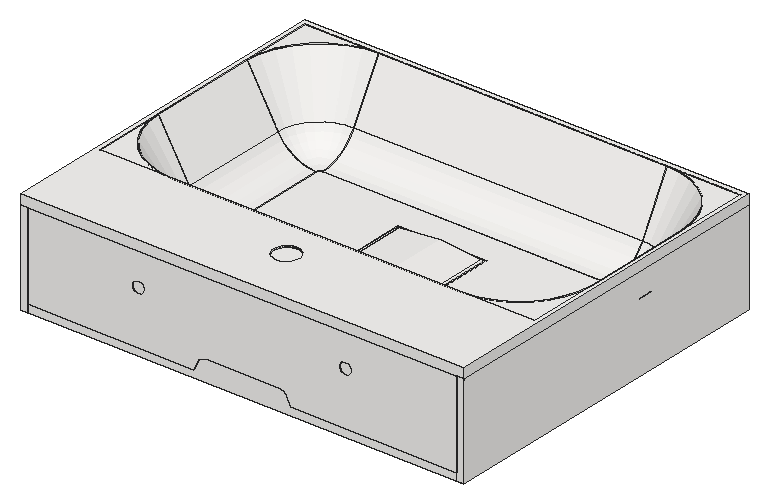
Revit family "Washbasins-hansgrohe-61094XXX-Xevolos E Countertop basin ground 600_480 with tap hole without overflow, SmartClean", category Plumbing Fixtures, Revit 2019
Family settings
  Round Connector Dimension = Use Diameter
  Part Type = Valve - Breaks Into
  OmniClass Number = 23.31.13.00
  Work Plane-Based = No
  Always vertical = Yes
  Cut with Voids When Loaded = No
  Shared = Yes
  Room Calculation Point = No
Parameters
  X2 = 0
  X1 = 280
  WEIGHT = "17"
  UNSPSC = "301815 | Sanitary ware"
  UNIFORMATII = "D2010 | Plumbing Fixtures"
  UNICLASS_2015_CODE = "40_20_96"
  UNICLASS2015 = "Pr_40_20_96 | Wash basins, sinks and troughs"
  TYP = 1
  TAP = 1
  SURFACE = "GLOSSY_WHITE"
  SPECIFICATION = "Surfaces:  - 61094450 White   Specification:  • consists of: countertop basin ground, waste set, cover  • material: ceramic  • SmartClean: dirt-repellent glaze • degree of gloss: glossy  • sanded basin underside • ceramic cover included • with one tap hole • without overflow • without shelf • non-closing waste set • 600 x 480 mm • type of installation: built on and wall mounted  • suitable for cabinet"
  REGION = "Worldwide"
  PRODUCTURL = "https://pro.hansgrohe.com/articledetail--61094450"
  PRODUCTGROUP = "Washbasins"
  PRODUCTFAMILY = "Xevolos E"
  PERMALINK = "61094XXX"
  OMNICLASS = "23-31 13 00 | Sinks"
  OBJECTTYPE = "Object (single object)"
  NN = "Xevolos Washbasin"
  NBSYN = "$BASENUMBER.-$ARTNR.-$SURFACE.-$LODLEVEL."
  NB = "61094-61094450-GLOSSY_WHITE-400"
  NAME = "Xevolos E Countertop basin ground 600/480 with tap hole without overflow, SmartClean"
  Model = "61094-61094450-GLOSSY_WHITE-400"
  Manufacturer = "Hansgrohe"
  MIdent = "{$CADENAS_DATA/23d-libs/hansgrohe/xevolos_washbasin/xevolos_washbasin.prj},222 {VTYP=3D},{NB=61094-61094450-GLOSSY_WHITE-400},{LINA=61094-61094450-GLOSSY_WHITE-400},{NN=Xevolos Washbasin},{DATE=13.03.2023 11:34:45},{GEOMDATE=13.03.2023 11:34:00},{VERSION=},{LINEID=800},{WBVAR=LODLEVEL},{WBNUMERIC=}  {NB=61094-61094450-GLOSSY_WHITE-400},{LINA=61094-61094450-GLOSSY_WHITE-400},{KT=DUMMY},{IDNR=7},{ARTNR=61094450},{BASENUMBER=61094},{MODEL=61094XXX},{SURFACE=GLOSSY_WHITE},{LODLEVEL=400},{LODLEVELX='400','400','200','200'},{L=600.000},{LI=370.000},{X1=280.000},{X2=0.000},{DO=46.000},{DOT=35.000},{TAP=1},{TYP=1},{NAME=Xevolos E Countertop basin ground 600/480 with tap hole without overflow, SmartClean},{PERMALINK=61094XXX},{OBJECTTYPE=Object (single object)},{BIMOBJECT=Sanitary: Wash Basins},{PRODUCTFAMILY=Xevolos E},{PRODUCTGROUP=Washbasins},{WEIGHT=17},{DESCRIPTION=Xevolos E Countertop basin ground 600/480 with tap hole without overflow, SmartClean},{SPECIFICATION=Surfaces:  - 61094450 White   Specification:  • consists of: countertop basin ground, waste set, cover  • material: ceramic  • SmartClean: dirt-repellent glaze • degree of gloss: glossy  • sanded basin underside • ceramic cover included • with one tap hole • without overflow • without shelf • non-closing waste set • 600 x 480 mm • type of installation: built on and wall mounted  • suitable for cabinet},{PRODUCTURL=https://pro.hansgrohe.com/articledetail--61094450},{GTINCODE=4059625420850},{IFC=Sanitary Terminal},{ETIM=EC011550 | Washbasin},{UNICLASS2015=Pr_40_20_96 | Wash basins, sinks and troughs},{OMNICLASS=23-31 13 00 | Sinks},{MASTERFORMAT=22 41 16.13 | Residential Lavatories},{UNSPSC=301815 | Sanitary ware},{UNIFORMATII=D2010 | Plumbing Fixtures},{REGION=Worldwide},{DESIGN=Germany},{MANUFACTURER=Germany}"
  MASTERFORMAT = "22 41 16.13 | Residential Lavatories"
  LODLEVEL = "400"
  LINA = "61094-61094450-GLOSSY_WHITE-400"
  LI = 370
  L = 600
  IFC = "Sanitary Terminal"
  GTINCODE = "4059625420850"
  ETIM = "EC011550 | Washbasin"
  DOT = 35
  DO = 46
  DESIGN = "Germany"
  CNSPipeRound/cp_Befestigungsanschluss_V = no
  CNSPipeRound/cp_Ausgang_1_V = no
  CATALOG = "Hansgrohe"
  BIMOBJECT = "Sanitary: Wash Basins"
  BASENUMBER = "61094"
  ARTNR = "61094450"
  61094-61094450-GLOSSY_WHITE-400_RX0RY0RZ0TX0TY0TZ0_V = yes
  61094-61094450-GLOSSY_WHITE-200_RX0RY0RZ0TX0TY0TZ0_V = yes
Types (3, lengths in mm): name | NB | Model | MIdent | LODLEVEL | LINA | 61094-61094450-GLOSSY_WHITE-400_RX0RY0RZ0TX0TY0TZ0_V | 61094-61094450-GLOSSY_WHITE-200_RX0RY0RZ0TX0TY0TZ0_V
  (no name) | "61094-61094450-GLOSSY_WHITE-400" | "61094-61094450-GLOSSY_WHITE-400" | "{$CADENAS_DATA/23d-libs/hansgrohe/xevolos_washbasin/xevolos_washbasin.prj},222 {VTYP=3D},{NB=61094-61094450-GLOSSY_WHITE-400},{LINA=61094-61094450-GLOSSY_WHITE-400},{NN=Xevolos Washbasin},{DATE=13.03.2023 11:34:45},{GEOMDATE=13.03.2023 11:34:00},{VERSION=},{LINEID=800},{WBVAR=LODLEVEL},{WBNUMERIC=}  {NB=61094-61094450-GLOSSY_WHITE-400},{LINA=61094-61094450-GLOSSY_WHITE-400},{KT=DUMMY},{IDNR=7},{ARTNR=61094450},{BASENUMBER=61094},{MODEL=61094XXX},{SURFACE=GLOSSY_WHITE},{LODLEVEL=400},{LODLEVELX='400','400','200','200'},{L=600.000},{LI=370.000},{X1=280.000},{X2=0.000},{DO=46.000},{DOT=35.000},{TAP=1},{TYP=1},{NAME=Xevolos E Countertop basin ground 600/480 with tap hole without overflow, SmartClean},{PERMALINK=61094XXX},{OBJECTTYPE=Object (single object)},{BIMOBJECT=Sanitary: Wash Basins},{PRODUCTFAMILY=Xevolos E},{PRODUCTGROUP=Washbasins},{WEIGHT=17},{DESCRIPTION=Xevolos E Countertop basin ground 600/480 with tap hole without overflow, SmartClean},{SPECIFICATION=Surfaces:  - 61094450 White   Specification:  • consists of: countertop basin ground, waste set, cover  • material: ceramic  • SmartClean: dirt-repellent glaze • degree of gloss: glossy  • sanded basin underside • ceramic cover included • with one tap hole • without overflow • without shelf • non-closing waste set • 600 x 480 mm • type of installation: built on and wall mounted  • suitable for cabinet},{PRODUCTURL=https://pro.hansgrohe.com/articledetail--61094450},{GTINCODE=4059625420850},{IFC=Sanitary Terminal},{ETIM=EC011550 | Washbasin},{UNICLASS2015=Pr_40_20_96 | Wash basins, sinks and troughs},{OMNICLASS=23-31 13 00 | Sinks},{MASTERFORMAT=22 41 16.13 | Residential Lavatories},{UNSPSC=301815 | Sanitary ware},{UNIFORMATII=D2010 | Plumbing Fixtures},{REGION=Worldwide},{DESIGN=Germany},{MANUFACTURER=Germany}" | "400" | "61094-61094450-GLOSSY_WHITE-400" | yes | yes
  61094-61094450-GLOSSY_WHITE-200 | "61094-61094450-GLOSSY_WHITE-200" | "61094-61094450-GLOSSY_WHITE-200" | "{$CADENAS_DATA/23d-libs/hansgrohe/xevolos_washbasin/xevolos_washbasin.prj},222 {VTYP=3D},{NB=61094-61094450-GLOSSY_WHITE-200},{LINA=61094-61094450-GLOSSY_WHITE-200},{NN=Xevolos Washbasin},{DATE=13.03.2023 11:34:45},{GEOMDATE=13.03.2023 11:34:00},{VERSION=},{LINEID=800},{WBVAR=LODLEVEL},{WBNUMERIC=}  {NB=61094-61094450-GLOSSY_WHITE-200},{LINA=61094-61094450-GLOSSY_WHITE-200},{KT=DUMMY},{IDNR=7},{ARTNR=61094450},{BASENUMBER=61094},{MODEL=61094XXX},{SURFACE=GLOSSY_WHITE},{LODLEVEL=200},{LODLEVELX='400','400','200','200'},{L=600.000},{LI=370.000},{X1=280.000},{X2=0.000},{DO=46.000},{DOT=35.000},{TAP=1},{TYP=1},{NAME=Xevolos E Countertop basin ground 600/480 with tap hole without overflow, SmartClean},{PERMALINK=61094XXX},{OBJECTTYPE=Object (single object)},{BIMOBJECT=Sanitary: Wash Basins},{PRODUCTFAMILY=Xevolos E},{PRODUCTGROUP=Washbasins},{WEIGHT=17},{DESCRIPTION=Xevolos E Countertop basin ground 600/480 with tap hole without overflow, SmartClean},{SPECIFICATION=Surfaces:  - 61094450 White   Specification:  • consists of: countertop basin ground, waste set, cover  • material: ceramic  • SmartClean: dirt-repellent glaze • degree of gloss: glossy  • sanded basin underside • ceramic cover included • with one tap hole • without overflow • without shelf • non-closing waste set • 600 x 480 mm • type of installation: built on and wall mounted  • suitable for cabinet},{PRODUCTURL=https://pro.hansgrohe.com/articledetail--61094450},{GTINCODE=4059625420850},{IFC=Sanitary Terminal},{ETIM=EC011550 | Washbasin},{UNICLASS2015=Pr_40_20_96 | Wash basins, sinks and troughs},{OMNICLASS=23-31 13 00 | Sinks},{MASTERFORMAT=22 41 16.13 | Residential Lavatories},{UNSPSC=301815 | Sanitary ware},{UNIFORMATII=D2010 | Plumbing Fixtures},{REGION=Worldwide},{DESIGN=Germany},{MANUFACTURER=Germany}" | "200" | "61094-61094450-GLOSSY_WHITE-200" | no | yes
  61094-61094450-GLOSSY_WHITE-400 | "61094-61094450-GLOSSY_WHITE-400" | "61094-61094450-GLOSSY_WHITE-400" | "{$CADENAS_DATA/23d-libs/hansgrohe/xevolos_washbasin/xevolos_washbasin.prj},222 {VTYP=3D},{NB=61094-61094450-GLOSSY_WHITE-400},{LINA=61094-61094450-GLOSSY_WHITE-400},{NN=Xevolos Washbasin},{DATE=13.03.2023 11:34:45},{GEOMDATE=13.03.2023 11:34:00},{VERSION=},{LINEID=800},{WBVAR=LODLEVEL},{WBNUMERIC=}  {NB=61094-61094450-GLOSSY_WHITE-400},{LINA=61094-61094450-GLOSSY_WHITE-400},{KT=DUMMY},{IDNR=7},{ARTNR=61094450},{BASENUMBER=61094},{MODEL=61094XXX},{SURFACE=GLOSSY_WHITE},{LODLEVEL=400},{LODLEVELX='400','400','200','200'},{L=600.000},{LI=370.000},{X1=280.000},{X2=0.000},{DO=46.000},{DOT=35.000},{TAP=1},{TYP=1},{NAME=Xevolos E Countertop basin ground 600/480 with tap hole without overflow, SmartClean},{PERMALINK=61094XXX},{OBJECTTYPE=Object (single object)},{BIMOBJECT=Sanitary: Wash Basins},{PRODUCTFAMILY=Xevolos E},{PRODUCTGROUP=Washbasins},{WEIGHT=17},{DESCRIPTION=Xevolos E Countertop basin ground 600/480 with tap hole without overflow, SmartClean},{SPECIFICATION=Surfaces:  - 61094450 White   Specification:  • consists of: countertop basin ground, waste set, cover  • material: ceramic  • SmartClean: dirt-repellent glaze • degree of gloss: glossy  • sanded basin underside • ceramic cover included • with one tap hole • without overflow • without shelf • non-closing waste set • 600 x 480 mm • type of installation: built on and wall mounted  • suitable for cabinet},{PRODUCTURL=https://pro.hansgrohe.com/articledetail--61094450},{GTINCODE=4059625420850},{IFC=Sanitary Terminal},{ETIM=EC011550 | Washbasin},{UNICLASS2015=Pr_40_20_96 | Wash basins, sinks and troughs},{OMNICLASS=23-31 13 00 | Sinks},{MASTERFORMAT=22 41 16.13 | Residential Lavatories},{UNSPSC=301815 | Sanitary ware},{UNIFORMATII=D2010 | Plumbing Fixtures},{REGION=Worldwide},{DESIGN=Germany},{MANUFACTURER=Germany}" | "400" | "61094-61094450-GLOSSY_WHITE-400" | yes | no
Reference planes
  plane 1 "Center (Front/Back)": y = 0
  plane 2: z = 0
  plane 3 "Center (Left/Right)": x = 0
Dimensions and locks
  aligned and locked: level to plane 2
Nested families
  nested 1: "61094-61094450-glossy_white-200_content" at (0, 0, 0), visible <- "61094-61094450-GLOSSY_WHITE-200_RX0RY0RZ0TX0TY0TZ0_V", ContentVisible <- "61094-61094450-GLOSSY_WHITE-200_RX0RY0RZ0TX0TY0TZ0_V", type "61094-61094450-GLOSSY_WHITE-200_Content"
    with ContentVisible yes
  nested 2: "61094-61094450-glossy_white-400_content" at (0, 0, 0), visible <- "61094-61094450-GLOSSY_WHITE-400_RX0RY0RZ0TX0TY0TZ0_V", ContentVisible <- "61094-61094450-GLOSSY_WHITE-400_RX0RY0RZ0TX0TY0TZ0_V", type "61094-61094450-GLOSSY_WHITE-400_Content"
    with ContentVisible yes
  nested 3: "ConnectorHost2019" at (0, -220, 0), visible <- "CNSPipeRound/cp_Ausgang_1_V", type "ConnectorHost2019"
    with Visible no, TransZ 0 mm, TransY 220 mm, TransX 0 mm, ScaleZ 1 mm, ScaleY 1 mm, ScaleX 1 mm, RotZ 180.00°, RotY 360.00°, RotX 180.00°
  nested 4: "ConnectorHost2019" at (-1, -220, 0), visible <- "CNSPipeRound/cp_Befestigungsanschluss_V", type "ConnectorHost2019"
    with Visible no, TransZ 147 mm, TransY 0 mm, TransX 1 mm, ScaleZ 1 mm, ScaleY 1 mm, ScaleX 1 mm, RotZ 180.00°, RotY 360.00°, RotX 360.00°
Connectors
  piping at (0, 0, 0), diameter 46
    settings: on nested 3, index 1, connector inside diameter 609.6 mm, connector length 0 mm, flow factor 0, pipe flow 0.0 L/s, pressure drop 0.0 Pa, fitting loss kfactor 0, connector angle 0.00°, fixture units 0, engagement length 0 mm, angle of deflection 0.00°, flow configuration 0, flow direction 2, fitting loss method 0, system type 29, joint type 0, gender type 0, connector reference index -1, connector utility 0, adjustable connector no, is connector primary yes, connector description ""
  piping at (0, -220, 147), diameter 35
    settings: on nested 4, index 2, connector inside diameter 609.6 mm, connector length 0 mm, flow factor 0, pipe flow 0.0 L/s, pressure drop 0.0 Pa, fitting loss kfactor 0, connector angle 0.00°, fixture units 0, engagement length 0 mm, angle of deflection 0.00°, flow configuration 0, flow direction 2, fitting loss method 0, system type 29, joint type 0, gender type 0, connector reference index -1, connector utility 0, adjustable connector no, is connector primary no, connector description ""
Definition of nested family "61094-61094450-glossy_white-200_content"
  Parameters (values of type "61094-61094450-GLOSSY_WHITE-200_Content")
    X2 = 0
    X1 = 280
    WEIGHT = "17"
    UNSPSC = "301815 | Sanitary ware"
    UNIFORMATII = "D2010 | Plumbing Fixtures"
    UNICLASS_2015_CODE = "40_20_96"
    UNICLASS2015 = "Pr_40_20_96 | Wash basins, sinks and troughs"
    TYP = 1
    TAP = 1
    SURFACE = "GLOSSY_WHITE"
    SPECIFICATION = "Surfaces:  - 61094450 White   Specification:  • consists of: countertop basin ground, waste set, cover  • material: ceramic  • SmartClean: dirt-repellent glaze • degree of gloss: glossy  • sanded basin underside • ceramic cover included • with one tap hole • without overflow • without shelf • non-closing waste set • 600 x 480 mm • type of installation: built on and wall mounted  • suitable for cabinet"
    REGION = "Worldwide"
    PRODUCTURL = "https://pro.hansgrohe.com/articledetail--61094450"
    PRODUCTGROUP = "Washbasins"
    PRODUCTFAMILY = "Xevolos E"
    PERMALINK = "61094XXX"
    OMNICLASS = "23-31 13 00 | Sinks"
    OBJECTTYPE = "Object (single object)"
    NN = "Xevolos Washbasin"
    NBSYN = "$BASENUMBER.-$ARTNR.-$SURFACE.-$LODLEVEL."
    NB = "61094-61094450-GLOSSY_WHITE-200"
    NAME = "Xevolos E Countertop basin ground 600/480 with tap hole without overflow, SmartClean"
    Model = "61094-61094450-GLOSSY_WHITE-200"
    Manufacturer = "Hansgrohe"
    MASTERFORMAT = "22 41 16.13 | Residential Lavatories"
    LODLEVEL = "200"
    LINA = "61094-61094450-GLOSSY_WHITE-200"
    LI = 370
    L = 600
    IFC = "Sanitary Terminal"
    GTINCODE = "4059625420850"
    ETIM = "EC011550 | Washbasin"
    Default Elevation = 1219.2 mm
    DOT = 35
    DO = 46
    DESIGN = "Germany"
    ContentVisible [instance] = yes
    CATALOG = "Hansgrohe"
    BIMOBJECT = "Sanitary: Wash Basins"
    BASENUMBER = "61094"
    ARTNR = "61094450"
  Reference planes
    plane 1 "Center (Front/Back)": y = 0
    plane 2: z = 0
    plane 3 "Center (Left/Right)": x = 0
  Forms (mm)
    Extrusion 1, solid, visible <- "ContentVisible", detail levels medium+fine
      sketch origin (0, -295, 147) x (-1, 0, 0) y (0, -1, 0)
        loop
          line (-300, -480) -> (300, -480) -> (300, 0) -> (-300, 0) -> (-300, -480)
      from -140 to 0
    Extrusion 2, void, detail levels medium+fine
      sketch origin (0, -295, 147) x (-1, 0, 0) y (0, -1, 0)
        loop
          line (-294, -126) -> (-294, -474) -> (294, -474) -> (294, -126) -> (-294, -126)
      from -102.5 to 0
    Extrusion 3, void, detail levels medium+fine
      sketch origin (0, -295, 147) x (-1, 0, 0) y (0, -1, 0)
        loop
          circle (0, -75) r 17.5
      from -1.5 to 1.5
    Extrusion 4, solid, visible <- "ContentVisible", detail levels medium+fine
      sketch origin (0, -295, 7) x (-1, 0, 0) y (0, -1, 0)
        loop
          circle (0, -295) r 34
      from -10 to 0
    Extrusion 5, solid, visible <- "ContentVisible", detail levels coarse
      sketch origin (0, -55, -3) x (1, 0, 0) y (0, 1, 0)
        loop
          line (-300, -240) -> (300, -240) -> (300, 240) -> (-300, 240) -> (-300, -240)
      from 0 to 150
  Cuts and joins
    Extrusion 2, Extrusion 3 cuts Extrusion 1
  Dimensions and locks
    aligned and locked: level to plane 2
Definition of nested family "61094-61094450-glossy_white-400_content"
  Parameters (values of type "61094-61094450-GLOSSY_WHITE-400_Content")
    X2 = 0
    X1 = 280
    WEIGHT = "17"
    UNSPSC = "301815 | Sanitary ware"
    UNIFORMATII = "D2010 | Plumbing Fixtures"
    UNICLASS_2015_CODE = "40_20_96"
    UNICLASS2015 = "Pr_40_20_96 | Wash basins, sinks and troughs"
    TYP = 1
    TAP = 1
    SURFACE = "GLOSSY_WHITE"
    SPECIFICATION = "Surfaces:  - 61094450 White   Specification:  • consists of: countertop basin ground, waste set, cover  • material: ceramic  • SmartClean: dirt-repellent glaze • degree of gloss: glossy  • sanded basin underside • ceramic cover included • with one tap hole • without overflow • without shelf • non-closing waste set • 600 x 480 mm • type of installation: built on and wall mounted  • suitable for cabinet"
    REGION = "Worldwide"
    PRODUCTURL = "https://pro.hansgrohe.com/articledetail--61094450"
    PRODUCTGROUP = "Washbasins"
    PRODUCTFAMILY = "Xevolos E"
    PERMALINK = "61094XXX"
    OMNICLASS = "23-31 13 00 | Sinks"
    OBJECTTYPE = "Object (single object)"
    NN = "Xevolos Washbasin"
    NBSYN = "$BASENUMBER.-$ARTNR.-$SURFACE.-$LODLEVEL."
    NB = "61094-61094450-GLOSSY_WHITE-400"
    NAME = "Xevolos E Countertop basin ground 600/480 with tap hole without overflow, SmartClean"
    Model = "61094-61094450-GLOSSY_WHITE-400"
    Manufacturer = "Hansgrohe"
    MASTERFORMAT = "22 41 16.13 | Residential Lavatories"
    LODLEVEL = "400"
    LINA = "61094-61094450-GLOSSY_WHITE-400"
    LI = 370
    L = 600
    IFC = "Sanitary Terminal"
    GTINCODE = "4059625420850"
    ETIM = "EC011550 | Washbasin"
    Default Elevation = 1219.2 mm
    DOT = 35
    DO = 46
    DESIGN = "Germany"
    ContentVisible [instance] = yes
    CATALOG = "Hansgrohe"
    BIMOBJECT = "Sanitary: Wash Basins"
    BASENUMBER = "61094"
    ARTNR = "61094450"
  Reference planes
    plane 1 "Center (Front/Back)": y = 0
    plane 2: z = 0
    plane 3 "Center (Left/Right)": x = 0
  Forms (mm)
    Extrusion 1, solid, visible <- "ContentVisible", detail levels medium+fine
      sketch origin (0, -295, 7) x (0, 0, -1) y (0, -1, 0)
        loop
          line (-140, -474) -> (-121, -474) -> (-62.906, -440.46)
          arc (-62.906, -440.46) -> (-37.353, -414.906) -> (-28, -380) r 69.813
          line (-28, -380) -> (-37.5, -380)
          arc (-37.5, -380) -> (-45.58, -410.156) -> (-67.656, -432.232) r 60.313
          line (-67.656, -432.232) -> (-140, -474)
      from -195 to 195
    Revolve 2, solid, visible <- "ContentVisible", detail levels medium+fine
      sketch origin (-195, -295, 7) x (0, 0, -1) y (0, -1, 0)
        loop
          line (-140, -474) -> (-121, -474) -> (-62.906, -440.46)
          arc (-62.906, -440.46) -> (-37.353, -414.906) -> (-28, -380) r 69.813
          line (-28, -380) -> (-37.5, -380)
          arc (-37.5, -380) -> (-45.58, -410.156) -> (-67.656, -432.232) r 60.313
          line (-67.656, -432.232) -> (-140, -474)
        axis (-140, -375) -> (-28, -375)
      angle from -90 to 0
    Extrusion 3, solid, visible <- "ContentVisible", detail levels medium+fine
      sketch origin (0, -70, 7) x (-1, 0, 0) y (0, 0, -1)
        loop
          line (200, -28) -> (200, -37.5)
          arc (200, -37.5) -> (230.156, -45.58) -> (252.232, -67.656) r 60.313
          line (252.232, -67.656) -> (294, -140) -> (294, -121) -> (260.46, -62.906)
          arc (260.46, -62.906) -> (234.906, -37.353) -> (200, -28) r 69.813
      from -150 to 0
    Revolve 4, solid, visible <- "ContentVisible", detail levels medium+fine
      sketch origin (-195, -295, 7) x (0, 0, -1) y (0, -1, 0)
        loop
          line (-140, -126) -> (-67.656, -167.768)
          arc (-67.656, -167.768) -> (-45.58, -189.844) -> (-37.5, -220) r 60.313
          line (-37.5, -220) -> (-28, -220)
          arc (-28, -220) -> (-37.353, -185.094) -> (-62.906, -159.54) r 69.813
          line (-62.906, -159.54) -> (-121, -126) -> (-140, -126)
        axis (-28, -225) -> (-140, -225)
      angle from -90 to 0
    Extrusion 5, solid, visible <- "ContentVisible", detail levels medium+fine
      sketch origin (0, -295, 7) x (0, 0, -1) y (0, -1, 0)
        loop
          line (-140, -126) -> (-67.656, -167.768)
          arc (-67.656, -167.768) -> (-45.58, -189.844) -> (-37.5, -220) r 60.313
          line (-37.5, -220) -> (-28, -220)
          arc (-28, -220) -> (-37.353, -185.094) -> (-62.906, -159.54) r 69.813
          line (-62.906, -159.54) -> (-121, -126) -> (-140, -126)
      from -195 to 195
    Revolve 6, solid, visible <- "ContentVisible", detail levels medium+fine
      sketch origin (195, -295, 7) x (0, 0, -1) y (0, -1, 0)
        loop
          line (-140, -126) -> (-67.656, -167.768)
          arc (-67.656, -167.768) -> (-45.58, -189.844) -> (-37.5, -220) r 60.313
          line (-37.5, -220) -> (-28, -220)
          arc (-28, -220) -> (-37.353, -185.094) -> (-62.906, -159.54) r 69.813
          line (-62.906, -159.54) -> (-121, -126) -> (-140, -126)
        axis (-28, -225) -> (-140, -225)
      angle from 0 to 90
    Extrusion 7, solid, visible <- "ContentVisible", detail levels medium+fine
      sketch origin (0, -70, 7) x (-1, 0, 0) y (0, 0, -1)
        loop
          line (-294, -121) -> (-294, -140) -> (-252.232, -67.656)
          arc (-252.232, -67.656) -> (-230.156, -45.58) -> (-200, -37.5) r 60.313
          line (-200, -37.5) -> (-200, -28)
          arc (-200, -28) -> (-234.906, -37.353) -> (-260.46, -62.906) r 69.813
          line (-260.46, -62.906) -> (-294, -121)
      from -150 to 0
    Revolve 8, solid, visible <- "ContentVisible", detail levels medium+fine
      sketch origin (195, -295, 7) x (0, 0, -1) y (0, -1, 0)
        loop
          line (-140, -474) -> (-121, -474) -> (-62.906, -440.46)
          arc (-62.906, -440.46) -> (-37.353, -414.906) -> (-28, -380) r 69.813
          line (-28, -380) -> (-37.5, -380)
          arc (-37.5, -380) -> (-45.58, -410.156) -> (-67.656, -432.232) r 60.313
          line (-67.656, -432.232) -> (-140, -474)
        axis (-140, -375) -> (-28, -375)
      angle from 0 to 90
    Extrusion 9, solid, visible <- "ContentVisible", detail levels medium+fine
      sketch origin (0, -295, 35) x (-1, 0, 0) y (0, -1, 0)
        loop
          line (-200, -225) -> (-200, -375)
          arc (-200, -375) -> (-198.536, -378.536) -> (-195, -380) r 5
          line (-195, -380) -> (195, -380)
          arc (195, -380) -> (198.536, -378.536) -> (200, -375) r 5
          line (200, -375) -> (200, -225)
          arc (200, -225) -> (198.536, -221.464) -> (195, -220) r 5
          line (195, -220) -> (-195, -220)
          arc (-195, -220) -> (-198.536, -221.464) -> (-200, -225) r 5
        loop
          line (-60, -252.5) -> (-60, -337.5) -> (60, -337.5) -> (60, -252.5) -> (-60, -252.5)
      from 0 to 9.5
    Extrusion 10, solid, visible <- "ContentVisible", detail levels medium+fine
      sketch origin (0, -295, 147) x (-1, 0, 0) y (0, -1, 0)
        loop
          line (-300, -480) -> (300, -480) -> (300, 0) -> (-300, 0) -> (-300, -480)
        loop
          line (-294, -226) -> (-294, -374)
          arc (-294, -374) -> (-264.711, -444.711) -> (-194, -474) r 100
          line (-194, -474) -> (194, -474)
          arc (194, -474) -> (264.711, -444.711) -> (294, -374) r 100
          line (294, -374) -> (294, -226)
          arc (294, -226) -> (264.711, -155.289) -> (194, -126) r 100
          line (194, -126) -> (-194, -126)
          arc (-194, -126) -> (-264.711, -155.289) -> (-294, -226) r 100
      from -13 to 0
    Extrusion 11, solid, visible <- "ContentVisible", detail levels medium+fine
      sketch origin (0, -295, 134) x (-1, 0, 0) y (0, -1, 0)
        loop
          line (-300, -480) -> (300, -480) -> (300, 0) -> (290, 0) -> (290, -470) -> (-290, -470) -> (-290, 0) -> (-300, 0) -> (-300, -480)
      from -127 to 0
    Extrusion 12, solid, visible <- "ContentVisible", detail levels medium+fine
      sketch origin (0, -295, 17) x (-1, 0, 0) y (0, -1, 0)
        loop
          line (-290, -35) -> (-290, -470) -> (290, -470) -> (290, -35) -> (250, -35) -> (250, -380)
          arc (250, -380) -> (235.355, -415.355) -> (200, -430) r 50
          line (200, -430) -> (-200, -430)
          arc (-200, -430) -> (-235.355, -415.355) -> (-250, -380) r 50
          line (-250, -380) -> (-250, -35) -> (-290, -35)
      from 0 to 50
    Extrusion 13, solid, visible <- "ContentVisible", detail levels medium+fine
      sketch origin (0, -295, 7) x (-1, 0, 0) y (0, 0, -1)
        loop
          line (-290, -10) -> (-290, -127) -> (290, -127) -> (290, -10) -> (65, -10) -> (59.568, -21.649)
          arc (59.568, -21.649) -> (55.509, -26.277) -> (49.599, -28) r 11
          line (49.599, -28) -> (-49.599, -28)
          arc (-49.599, -28) -> (-55.509, -26.277) -> (-59.568, -21.649) r 11
          line (-59.568, -21.649) -> (-65, -10) -> (-290, -10)
      from -35 to 0
    Extrusion 14, solid, visible <- "ContentVisible", detail levels medium+fine
      sketch origin (-185, -295, 7) x (0, 0, -1) y (0, -1, 0)
        loop
          line (-127, -35) -> (-127, -127.732) -> (-65.156, -163.437)
          arc (-65.156, -163.437) -> (-41.25, -187.344) -> (-32.5, -220) r 65.313
          line (-32.5, -220) -> (-32.5, -380)
          arc (-32.5, -380) -> (-39.303, -409.023) -> (-58.294, -432) r 65.313
          line (-58.294, -432) -> (-30.544, -432) -> (-10, -40) -> (-10, -35) -> (-127, -35)
      from 0 to 75
    Extrusion 15, solid, visible <- "ContentVisible", detail levels medium+fine
      sketch origin (185, -295, 7) x (0, 0, -1) y (0, -1, 0)
        loop
          line (-127, -35) -> (-127, -127.732) -> (-65.156, -163.437)
          arc (-65.156, -163.437) -> (-41.25, -187.344) -> (-32.5, -220) r 65.313
          line (-32.5, -220) -> (-32.5, -380)
          arc (-32.5, -380) -> (-39.303, -409.023) -> (-58.294, -432) r 65.313
          line (-58.294, -432) -> (-30.544, -432) -> (-10, -40) -> (-10, -35) -> (-127, -35)
      from -75 to 0
    Extrusion 16, solid, visible <- "ContentVisible", detail levels medium+fine
      sketch origin (0, -295, 17) x (-1, 0, 0) y (0, -1, 0)
        loop
          line (-72, -261.5) -> (-72, -328.5)
          arc (-72, -328.5) -> (-65.703, -343.703) -> (-50.5, -350) r 21.5
          line (-50.5, -350) -> (50.5, -350)
          arc (50.5, -350) -> (65.703, -343.703) -> (72, -328.5) r 21.5
          line (72, -328.5) -> (72, -261.5)
          arc (72, -261.5) -> (65.703, -246.297) -> (50.5, -240) r 21.5
          line (50.5, -240) -> (-50.5, -240)
          arc (-50.5, -240) -> (-65.703, -246.297) -> (-72, -261.5) r 21.5
      from 0 to 18
    Revolve 17, solid, visible <- "ContentVisible", detail levels medium+fine
      sketch origin (0, 0, 7) x (-1, 0, 0) y (0, 0, -1)
        loop
          line (23, -4.5) -> (42.5, -27.441) -> (42.5, -10) -> (34, 0) -> (34, 7) -> (23, 7) -> (23, -4.5)
        axis (0, -27.441) -> (0, 7)
      angle from -360 to 0
    Extrusion 18, solid, visible <- "ContentVisible", detail levels medium+fine
      sketch origin (0, -295, -3) x (-1, 0, 0) y (0, -1, 0)
        loop
          circle (0, -295) r 7.5
      from 0 to 41
    Extrusion 19, solid, visible <- "ContentVisible", detail levels medium+fine
      sketch origin (0, -295, 38) x (-1, 0, 0) y (0, -1, 0)
        loop
          circle (0, -295) r 32.5
      from 0 to 2
    Extrusion 20, solid, visible <- "ContentVisible", detail levels medium+fine
      sketch origin (0, 0, 7) x (-1, 0, 0) y (0, 0, -1)
        loop
          arc (-54.85, -33) -> (-57.5, -35.65) -> (-54.85, -38.3) r 2.65
          arc (-54.85, -38.3) -> (0, -43.036) -> (54.85, -38.3) r 320
          arc (54.85, -38.3) -> (57.5, -35.65) -> (54.85, -33) r 2.65
          line (54.85, -33) -> (-54.85, -33)
      from -40 to 40
    Extrusion 21, void, detail levels medium+fine
      sketch origin (0, -295, 133) x (-1, 0, 0) y (0, -1, 0)
        loop
          circle (0, -75) r 17.5
      from 0 to 15
    Extrusion 22, void, detail levels medium+fine
      sketch origin (0, -295, 7) x (-1, 0, 0) y (0, 0, -1)
        loop
          circle (140, -83) r 8
      from -30 to 30
    Extrusion 23, void, detail levels medium+fine
      sketch origin (0, -295, 7) x (-1, 0, 0) y (0, 0, -1)
        loop
          circle (-140, -83) r 8
      from -30 to 30
    Extrusion 24, solid, visible <- "ContentVisible", detail levels coarse
      sketch origin (0, -55, -3) x (1, 0, 0) y (0, 1, 0)
        loop
          line (-300, -240) -> (300, -240) -> (300, 240) -> (-300, 240) -> (-300, -240)
      from 0 to 150
  Cuts and joins
    Extrusion 21, Extrusion 22, Extrusion 23 cuts Extrusion 1
    Extrusion 21, Extrusion 22, Extrusion 23 cuts Revolve 2
    Extrusion 21, Extrusion 22, Extrusion 23 cuts Extrusion 3
    Extrusion 21, Extrusion 22, Extrusion 23 cuts Revolve 4
    Extrusion 21, Extrusion 22, Extrusion 23 cuts Extrusion 5
    Extrusion 21, Extrusion 22, Extrusion 23 cuts Revolve 6
    Extrusion 21, Extrusion 22, Extrusion 23 cuts Extrusion 7
    Extrusion 21, Extrusion 22, Extrusion 23 cuts Revolve 8
    Extrusion 21, Extrusion 22, Extrusion 23 cuts Extrusion 9
    Extrusion 21, Extrusion 22, Extrusion 23 cuts Extrusion 10
    Extrusion 21, Extrusion 22, Extrusion 23 cuts Extrusion 11
    Extrusion 21, Extrusion 22, Extrusion 23 cuts Extrusion 12
    Extrusion 21, Extrusion 22, Extrusion 23 cuts Extrusion 13
    Extrusion 21, Extrusion 22, Extrusion 23 cuts Extrusion 14
    Extrusion 21, Extrusion 22, Extrusion 23 cuts Extrusion 15
    Extrusion 21, Extrusion 22, Extrusion 23 cuts Extrusion 16
    Extrusion 21, Extrusion 22, Extrusion 23 cuts Revolve 17
    Extrusion 21, Extrusion 22, Extrusion 23 cuts Extrusion 18
    Extrusion 21, Extrusion 22, Extrusion 23 cuts Extrusion 19
    Extrusion 21, Extrusion 22, Extrusion 23 cuts Extrusion 20
  Dimensions and locks
    aligned and locked: level to plane 2
